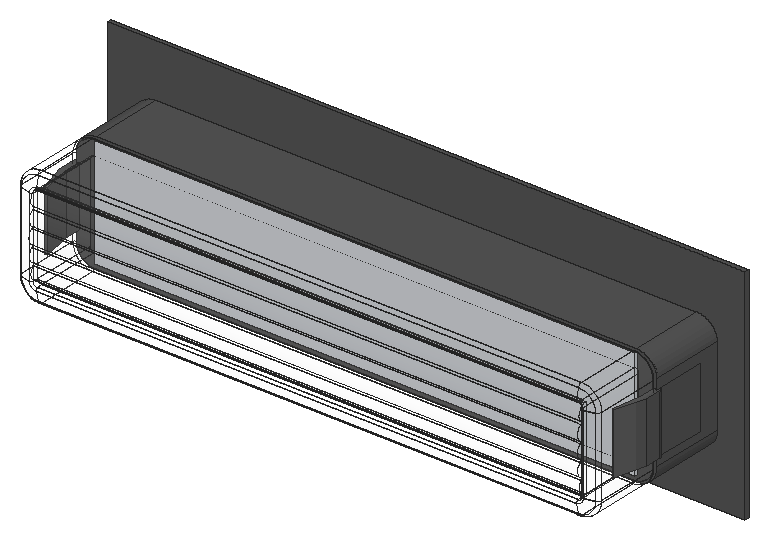
Revit family "Indoor_Wall Lamp_Santa&Cole_Estadio Aplique Singular", category Luminarias, Revit 2019
Family settings
  Cota de conector redondo = Diámetro de uso
  Tipo de pieza = Normal
  Número OmniClass = 23.80.70.00
  Título OmniClass = Lighting
  Se basa en plano de trabajo = Sí
  Siempre vertical = Sí
  Corte con vacíos al cargar = No
  Origen de luz = Sí
  Compartido = No
  Punto de cálculo de habitación = No
Parameters (values of type "Estadio Aplique Singular - Negro")
  Ángulo de inclinación = 90.00°
  Voltaje (90-305 V) = 220 V
  Wattage = 9.2903 W
  URL = "https://www.santacole.com/es/apliques/estadio-singular-629/"
  UL [instance] = yes
  Technical Information = "https://www.santacole.com//recursos/productos/downloads/pdf_espec_tecnicas/SC_Estadio_singular_aplique_ficha_tecnica_v3.pdf"
  built-in parameter 1150110 = 1 (stored number, unit not read)
  Modelo = "Estadio Singular"
  Material Estructura = Santa & Cole - Black Anodized Aluminium
  Material = none
  Manufacturer website = "https://www.santacole.com"
  built-in parameter 1114217 = 1 (stored number, unit not read)
  built-in parameter 1150109 = 1 (stored number, unit not read)
  Fabricante = "Santa & Cole"
  Energy Label = ""
  Default Elevation = 1219.2 mm
  Distancia_UL [instance] = if(UL, 4 mm, 0 mm)  # 4 mm
  Designed by = "Miguel Milá, 2022"
  Contact phone = "+34.938.619.100"
  Contact e-mail = "info@santacole.com"
  built-in parameter 1150134 = (empty or 0)
  built-in parameter 1150113 = 1 (stored number, unit not read)
  Lumens = 1380 lm
  built-in parameter 1150115 = 1 (stored number, unit not read)
  built-in parameter 1150105 = 109.82 (stored number, unit not read)
  built-in parameter 1150137 = (empty or 0)
  built-in parameter 1150139 = (empty or 0)
  built-in parameter 1150112 = 1 (stored number, unit not read)
  built-in parameter 1150114 = 1 (stored number, unit not read)
  built-in parameter 1150132 = 2
  built-in parameter 1150102 = (empty or 0)
  built-in parameter 1150138 = (empty or 0)
  built-in parameter 1150107 = 2700 (stored number, unit not read)
  built-in parameter 1150106 = 1.0982 (stored number, unit not read)
  built-in parameter 1150104 = 13.8 (stored number, unit not read)
  Code = "ESTWB01"
  Carga aparente = 6 VA
  Dimming Lamp Color Temperature Shift = (empty or 0)
  Color Filter = 16777215
  built-in parameter 1114218 = 1 (stored number, unit not read)
  Assembly instructions - UL = "https://www.santacole.com//recursos/productos/downloads/pdf_cotas/Estadio_singular_aplique_td_UL_v1.pdf"
  Assembly instructions - CE = "https://www.santacole.com/recursos/productos/downloads/pdf_cotas/Estadio_singular_aplique_td_v1.pdf"
  Archivo de red fotométrica = "ESTWB01 (CL004A22F004G).IES"
  built-in parameter 1150133 = 10 (stored number, unit not read)
Types (2, lengths in mm): name | Material Estructura
  Estadio Aplique Singular - Negro | Santa & Cole - Black Anodized Aluminium
  Estadio Aplique Singular - Blanco | Santa & Cole - White Matte Metal
Reference planes
  plane 1 "Eje de origen de luz (F/P)": y = 0
  plane 2: z = 0
  plane 3 "Eje de origen de luz (I/D)": x = 0
  plane 4 "Elevación de origen de luz": z = 65
  plane 5: y = -4
Forms (mm)
  Blend 1, solid, not visible
    base sketch origin (36.867, 153.179, 1765.164) x (-0.551937, 0.833886, 0) y (-0.833886, -0.551937, 0)
      loop
        line (-50.966, 0.411) -> (-50.966, -0.489) -> (-50.043, -0.489) -> (-50.043, 0.411) -> (-50.966, 0.411)
    top sketch origin (36.867, 153.179, 1765.164) x (-0.551937, 0.833886, 0) y (-0.833886, -0.551937, 0)
      loop
        line (-47.638, 0.875) -> (-47.638, 1.775) -> (-48.561, 1.775) -> (-48.561, 0.875) -> (-47.638, 0.875)
    from -112.076 to -105.022
  Blend 2, solid, not visible
    base sketch origin (-50.305, 123.446, 1917.584) x (0.96363, 0.267238, 0) y (-0.267238, 0.96363, 0)
      loop
        line (-50.966, 0.411) -> (-50.966, -0.489) -> (-50.043, -0.489) -> (-50.043, 0.411) -> (-50.966, 0.411)
    top sketch origin (-50.305, 123.446, 1917.584) x (0.96363, 0.267238, 0) y (-0.267238, 0.96363, 0)
      loop
        line (-47.638, 0.875) -> (-47.638, 1.775) -> (-48.561, 1.775) -> (-48.561, 0.875) -> (-47.638, 0.875)
    from -112.484 to -105.022
  Sweep 3, solid, not visible
    path origin (294.44, -207.288, 170.345) x (0, -1, 0) y (0, 0, 1)
      loop
        line (-293, 1511.9) -> (-278.776, 1511.9) -> (-221.503, 1484.838)
    profile origin (294.44, 78.6, 1682.245) x (0, 0, 1) y (-1, 0, 0)
      loop
        circle (-1, 330.796) r 1
  Extrusion 4, solid, material "Santa & Cole - Black Anodized Aluminium" <- "Material Estructura", visible <- "UL"
    sketch origin (0, 0, 0) x (0, -1, 0) y (0, 0, -1)
      loop
        line (2, -115) -> (4, -115) -> (4, 0) -> (2, 0) -> (2, -115)
    from -165 to 165
  Extrusion 5, solid, visible <- "UL"
    sketch origin (0, 0, 0) x (0, -1, 0) y (0, 0, -1)
      loop
        line (0, -110) -> (2, -110) -> (2, -5) -> (0, -5) -> (0, -110)
    from -160 to 160
Dimensions and locks
  "Distancia_UL": plane 5 to plane 1 "Eje de origen de luz (F/P)"
  aligned and locked: level to plane 2
  aligned and locked: nested 1 to plane 5
Automatic sketch dimensions
  Extrusion 4 sketch curve to level = 0 mm
  Extrusion 4 sketch curve to plane 5 = 0 mm
  Extrusion 4 sketch curve to Extrusion 4 sketch curve = 2 mm
  Extrusion 4 sketch curve to plane 4 "Elevación de origen de luz" = 50 mm
  Extrusion 5 sketch curve to plane 1 "Eje de origen de luz (F/P)" = 0 mm
  plane 1 "Eje de origen de luz (F/P)" to Extrusion 5 sketch curve = 2 mm
  Extrusion 5 sketch curve to plane 4 "Elevación de origen de luz" = 45 mm
  level to Extrusion 5 sketch curve = 5 mm
Nested families
  nested 1: "Estadio Aplique Singular" at (0, -4, 0), Material Estructura <- "Material Estructura", type "Estadio Aplique Singular"
    with Material Estructura Santa & Cole - Black Anodized Aluminium
Definition of nested family "Estadio Aplique Singular"
  Parameters (values of type "Estadio Aplique Singular")
    Material Estructura [instance] = none
  Reference planes
    plane 1 "Centro (Frontal/Posterior)": y = 0
    plane 2: z = 0
    plane 3 "Centro (Izquierda/Derecha)": x = 0
  Forms (mm)
    Extrusion 1, solid, material <- "Material Estructura"
      sketch origin (0, 4, 0) x (1, 0, 0) y (0, 0, -1)
        loop
          arc (140, -87.5) -> (147.315, -84.47) -> (150.345, -77.155) r 10.345
          line (150.345, -77.155) -> (150.345, -36.155)
          arc (150.345, -36.155) -> (147.315, -28.841) -> (140, -25.811) r 10.345
          line (140, -25.811) -> (-140, -25.811)
          arc (-140, -25.811) -> (-147.315, -28.841) -> (-150.345, -36.155) r 10.345
          line (-150.345, -36.155) -> (-150.345, -77.155)
          arc (-150.345, -77.155) -> (-147.315, -84.47) -> (-140, -87.5) r 10.345
          line (-140, -87.5) -> (140, -87.5)
      from -42.803 to -4
    Sweep 2, solid
      path origin (0, 4, 0) x (1, 0, 0) y (0, 0, -1)
        loop
          arc (140, -87.5) -> (147.315, -84.47) -> (150.345, -77.155) r 10.345
          line (150.345, -77.155) -> (150.345, -36.155)
          arc (150.345, -36.155) -> (147.315, -28.841) -> (140, -25.811) r 10.345
          line (140, -25.811) -> (-140, -25.811)
          arc (-140, -25.811) -> (-147.315, -28.841) -> (-150.345, -36.155) r 10.345
          line (-150.345, -36.155) -> (-150.345, -77.155)
          arc (-150.345, -77.155) -> (-147.315, -84.47) -> (-140, -87.5) r 10.345
          line (-140, -87.5) -> (140, -87.5)
      profile origin (0, 4, 87.5) x (0, 0, 1) y (0, 1, 0)
        loop
          line (0, -78.46) -> (0, -45)
          arc (0, -45) -> (-0.293, -44.293) -> (-1, -44) r 1
          line (-1, -44) -> (-8.343, -44) -> (-8.343, -77.941) -> (-8.097, -80.753)
          arc (-8.097, -80.753) -> (-7.705, -81.477) -> (-6.899, -81.646) r 0.979
          line (-6.899, -81.646) -> (-1.549, -80.408)
          arc (-1.549, -80.408) -> (-0.435, -79.705) -> (0, -78.46) r 2
    Extrusion 3, solid
      sketch origin (0, 4, 0) x (0, -1, 0) y (0, 0, -1)
        loop
          line (42.803, -86) -> (44, -86) -> (44, -29) -> (42.803, -29) -> (42.803, -86)
      from -139.94 to 139.9
    Extrusion 4, solid
      sketch origin (0, 4, 0) x (0, -1, 0) y (0, 0, -1)
        loop
          arc (81.177, -71.035) -> (80.947, -70.444) -> (81.306, -69.921) r 0.679
          arc (81.306, -69.921) -> (83.687, -66.316) -> (81.905, -62.381) r 4.47
          arc (81.905, -62.381) -> (81.639, -61.836) -> (81.916, -61.297) r 0.677
          arc (81.916, -61.297) -> (83.839, -57.5) -> (81.916, -53.703) r 4.709
          arc (81.916, -53.703) -> (81.639, -53.182) -> (81.875, -52.641) r 0.679
          arc (81.875, -52.641) -> (83.502, -48.716) -> (81.306, -45.079) r 4.71
          arc (81.306, -45.079) -> (80.974, -44.553) -> (81.177, -43.965) r 0.719
          arc (81.177, -43.965) -> (82.468, -39.864) -> (79.887, -36.427) r 4.703
          arc (79.887, -36.427) -> (79.593, -36.123) -> (79.562, -35.702) r 0.619
          line (79.562, -35.702) -> (77.941, -35.843) -> (77.941, -79.157) -> (79.562, -79.298)
          arc (79.562, -79.298) -> (79.577, -78.87) -> (79.887, -78.573) r 0.568
          arc (79.887, -78.573) -> (82.655, -75.168) -> (81.177, -71.035) r 4.47
      from -142.001 to 142.001
    Extrusion 5, void
      sketch origin (0, 4, 0) x (1, 0, 0) y (0, 1, 0)
        loop
          line (-145.844, -68.62) -> (-149.25, -51) -> (-149.25, -45)
          arc (-149.25, -45) -> (-148.957, -44.293) -> (-148.25, -44) r 1
          line (-148.25, -44) -> (-148.25, -43.158) -> (-157.99, -43.158) -> (-157.99, -75.766) -> (-149.25, -75.766)
          arc (-149.25, -75.766) -> (-148.989, -74.778) -> (-148.275, -74.048) r 2
          arc (-148.275, -74.048) -> (-146.202, -71.718) -> (-145.844, -68.62) r 5.177
      from 0 to 99.54
    Extrusion 6, void
      sketch origin (0, 4, 0) x (-1, 0, 0) y (0, -1, 0)
        loop
          arc (-145.844, 68.62) -> (-146.202, 71.718) -> (-148.275, 74.048) r 5.177
          arc (-148.275, 74.048) -> (-148.989, 74.778) -> (-149.25, 75.766) r 2
          line (-149.25, 75.766) -> (-157.99, 75.766) -> (-157.99, 43.158) -> (-148.25, 43.158) -> (-148.25, 44)
          arc (-148.25, 44) -> (-148.957, 44.293) -> (-149.25, 45) r 1
          line (-149.25, 45) -> (-149.25, 51) -> (-145.844, 68.62)
      from 0 to 99.54
    Extrusion 7, solid, material <- "Material Estructura"
      sketch origin (0, 4, 0) x (1, 0, 0) y (0, 1, 0)
        loop
          line (-146.241, -66.566) -> (-149.25, -51) -> (-149.25, -15.622) -> (-150.657, -15.622) -> (-150.657, -40.774) -> (-151.304, -41.444)
          arc (-151.304, -41.444) -> (-151.777, -42.178) -> (-151.932, -43.037) r 2.237
          line (-151.932, -43.037) -> (-151.784, -51.511) -> (-147.374, -66.891) -> (-146.241, -66.566)
      from 40.991 to 72.319
    Extrusion 8, solid, material <- "Material Estructura"
      sketch origin (0, 4, 0) x (-1, 0, 0) y (0, -1, 0)
        loop
          line (-146.241, 66.566) -> (-147.374, 66.891) -> (-151.784, 51.511) -> (-151.932, 43.037)
          arc (-151.932, 43.037) -> (-151.777, 42.178) -> (-151.304, 41.444) r 2.237
          line (-151.304, 41.444) -> (-150.657, 40.774) -> (-150.657, 15.622) -> (-149.25, 15.622) -> (-149.25, 51) -> (-146.241, 66.566)
      from 40.991 to 72.319
  Dimensions and locks
    aligned and locked: level to plane 2
